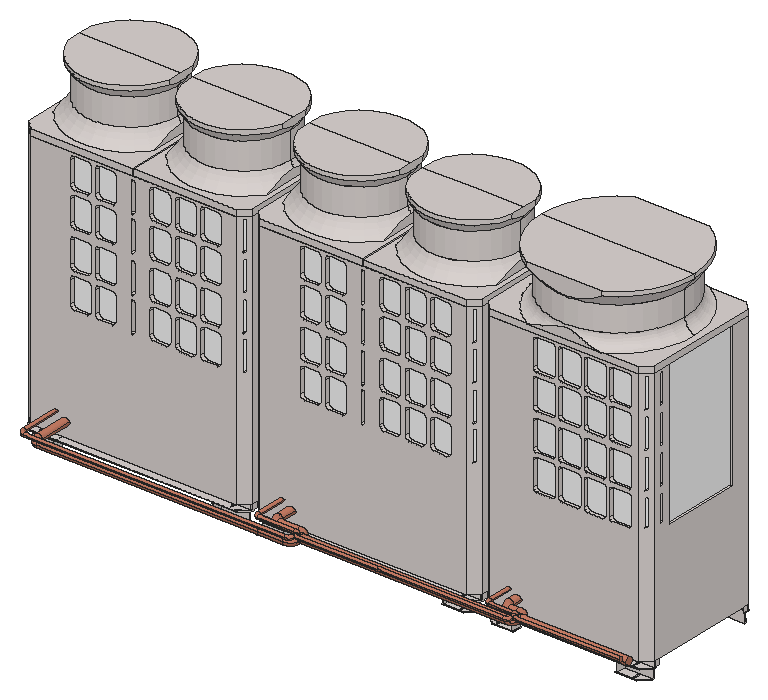
Revit family "PUHY-EP1050YSNW-A1", category 機械設備, Revit 2016
Family settings
  パーツ タイプ = 標準
  丸型コネクタ寸法 = 半径を使用
  OmniClass 番号 = 23.75.00.00
  OmniClass タイトル = Climate Control (HVAC)
  作業面に基づく = いいえ
  常に垂直 = はい
  ロード時にボイドで切り取り = いいえ
  共有 = いいえ
  部屋の計算ポイント = いいえ
Parameters (values of type "PUHY-EP1050YSNW-A1_415V_60Hz")
  Temp. range of cooling (Outdoor temp.) (D.B.) = "-5.0 to 52.0"
  Temp. range of cooling (Indoor temp.) (W.B.) = "15.0 to 24.0"
  Sound Pressure Level (dB(A)) Heating mode = 69
  Sound Pressure Level (dB(A)) Cooling mode = 68.5
  モデル = "PUHY-EP1050YSNW-A1"
  Width = 3460.000 mm
  WarrantyStart = ""
  Voltage = 415 V
  Unit Weight (kg) = 888
  URL = "http://www.mitsubishielectric.com/"
  Temp. range of heating (Outdoor temp.) (W.B.) = "-20.0 to 15.5"
  Temp. range of heating (Indoor temp.) (D.B.) = "15.0 to 27.0"
  TagNumber = 0
  Subcategory = "HVAC"
  Space View = yes
  SerialNumber = 0
  ReplacementYear = ""
  Refrigerant type = "R410A"
  Refrigerant Charge (kg) = 28.1
  Protection Devices_Inverter circuit (COMP./FAN) = "Over-current protection"
  Protection Devices_High pressure (MPa) = "High pressure sensor, High pressure switch at 4.15"
  Phase = 3
  製造元 = "Mitsubishi Electric Corporation"
  Outdoor unit 3 Breaker size (A) = 30
  Outdoor unit 3 = PUHY-EP250YNW-A1 : PUHY-EP250YNW-A1
  Outdoor unit 2 Breaker size (A) = 60
  Outdoor unit 2 = PUHY-EP400YNW-A1 : PUHY-EP400YNW-A1
  Outdoor unit 1 Breaker size (A) = 60
  Outdoor unit 1 = PUHY-EP400YNW-A1 : PUHY-EP400YNW-A1
  Note_1 = "Refrigerant pipe diameters may change depending on the installation condition. Please refer to the installation manual."
  Maximum Circuit Ampacity (A) = 73
  Liquid pipe_radius = 9.525 mm
  InstallationDate = ""
  Indoor Unit Total Capacity = "50 to 130% of outdoor unit capacity"
  Indoor Unit Model/Quantity = "P10 to P250/3 to 50"
  Hertz = 60 Hz
  Height = 1858.000 mm
  Heating SCOP (kW/kW) = 4.15
  Heating Rated Load Ampacity (A) = 49.2
  Heating Power Input (kW) = 31.88
  Heating Power Input (Nominal) (kW) = 26.75
  Heating Current Input (Nominal) (A) = 41.3
  Heating Current Input (A) = 49.2
  Heating Capacity (kW) = 132
  Heating Capacity (Nominal) (kW) = 118
  Heating COP (kW/kW) = 4.14
  Heating COP (Nominal) (kW/kW) = 4.41
  Gas pipe_radius = 20.640 mm
  Fan_Type = "Propeller Fan"
  Fan_Quantity = 5
  Fan Motor Output (kW) = 2.76
  External static pressure (Pa) = 0
  External Finish = "Pre-coated galvanized steel sheets (+powder coating for -BS type) <MUNSELL 3Y 7.8/1.1 or similar>"
  Equip_description = ""
  Equip_No. = 0
  Equip_ID = ""
  Description = ""
  Depth = 740.000 mm
  CreatedOn = ""
  CreatedBy = ""
  Cooling SEER (kW/kW) = 7.04
  Cooling Rated Load Ampacity (A) = 49.8
  Cooling Power Input (kW) = 32.24
  Cooling EER (kW/kW) = 3.66
  Cooling Current Input (A) = 49.8
  Cooling Capacity (kW) = 118
  Compressor_Type = "Inverter scroll hermetic compressor"
  Compressor_Quantity = 3
  Compressor_Lubricant = "MEL32"
  Compressor Motor Output (kW) = 24.7
  Category = ""
  Barcode = ""
  AssetIdentifier = ""
  Airflow Rate (m3/min) = 725
  Airflow Rate (m3/h) = 43500
Reference planes
  plane 1 "Center (Front/Back)": y = 0
  plane 2: z = 0
  plane 3 "Center (Left/Right)": x = -160
  plane 4: z = 60
  plane 5: y = 370
  plane 6 "front": y = -370
  plane 7: x = -1890
  plane 8: x = 1570
  plane 9: x = -620
  plane 10: x = 620
  plane 11: x = -650
  plane 12: x = 650
  plane 13: y = 370
  plane 14: y = -370
  plane 15: z = 1858
Forms (mm)
  Sweep 1, solid, material "Copper"
    path origin (137.855, 17.925, 207.255) x (0, -1, 0) y (1, 0, 0)
      loop
        line (380, -1839.039) -> (605, -1839.039)
        arc (605, -1839.039) -> (626.213, -1830.253) -> (635, -1809.039) r 30
        line (635, -1809.039) -> (635, -368.337)
        arc (635, -368.337) -> (629.142, -354.195) -> (615, -348.337) r 20
        line (615, -348.337) -> (590, -348.337)
        arc (590, -348.337) -> (575.858, -354.195) -> (570, -368.337) r 20
        line (570, -368.337) -> (570, -568.337)
        arc (570, -568.337) -> (564.142, -582.479) -> (550, -588.337) r 20
        line (550, -588.337) -> (380, -588.337)
    profile origin (-1701.184, -474.575, 207.255) x (1, 0, 0) y (0, 0, 1)
      loop
        circle (0, 0) r 9.525
  Sweep 2, solid, material "Copper"
    path origin (111.295, 17.925, 173.255) x (-1, 0, 0) y (0, -1, 0)
      loop
        line (1758.141, 380) -> (1758.141, 575)
        arc (1758.141, 575) -> (1747.889, 599.749) -> (1723.141, 610) r 35
        line (1723.141, 610) -> (502, 610) -> (364.723, 610)
        arc (364.723, 610) -> (339.974, 599.749) -> (329.723, 575) r 35
        line (329.723, 575) -> (329.723, 545)
        arc (329.723, 545) -> (339.974, 520.251) -> (364.723, 510) r 35
        line (364.723, 510) -> (475.673, 510)
        arc (475.673, 510) -> (500.421, 499.749) -> (510.673, 475) r 35
        line (510.673, 475) -> (510.673, 380)
    profile origin (-1646.846, -459.575, 173.255) x (1, 0, 0) y (0, 0, 1)
      loop
        circle (0, 0) r 20.64
  Sweep 3, solid, material "Copper"
    path origin (214.685, 17.925, 207.255) x (0, -1, 0) y (1, 0, 0)
      loop
        line (605, -426.689) -> (605, 43.311) -> (605, 737.327)
        arc (605, 737.327) -> (599.142, 751.469) -> (585, 757.327) r 20
        line (585, 757.327) -> (560.96, 757.327)
        arc (560.96, 757.327) -> (546.818, 751.469) -> (540.96, 737.327) r 20
        line (540.96, 737.327) -> (540.96, 607.327)
        arc (540.96, 607.327) -> (535.102, 593.185) -> (520.96, 587.327) r 20
        line (520.96, 587.327) -> (380, 587.327)
    profile origin (22.996, -587.075, 207.255) x (0, 1, 0) y (0, 0, 1)
      loop
        circle (0, 0) r 9.525
  Sweep 4, solid, material "Copper"
    path origin (188.125, 17.925, 173.255) x (-1, 0, 0) y (0, -1, 0)
      loop
        line (406.853, 555.96) -> (-741.149, 555.96)
        arc (-741.149, 555.96) -> (-765.897, 545.709) -> (-776.149, 520.96) r 35
        line (-776.149, 520.96) -> (-776.149, 510)
        arc (-776.149, 510) -> (-765.897, 485.251) -> (-741.149, 475) r 35
        line (-741.149, 475) -> (-696.149, 475)
        arc (-696.149, 475) -> (-671.4, 464.749) -> (-661.149, 440) r 35
        line (-661.149, 440) -> (-661.149, 380)
    profile origin (355.273, -538.035, 173.255) x (0, 1, 0) y (0, 0, 1)
      loop
        circle (0, 0) r 20.64
  Sweep 5, solid, material "Copper"
    path origin (114.685, 17.925, 207.255) x (0, -1, 0) y (1, 0, 0)
      loop
        line (572.806, 865.315) -> (572.806, 1455.315)
    profile origin (1275, -554.881, 207.255) x (0, 1, 0) y (0, 0, 1)
      loop
        circle (0, 0) r 9.525
  Sweep 6, solid, material "Copper"
    path origin (88.125, 17.925, 173.255) x (-1, 0, 0) y (0, -1, 0)
      loop
        line (-891.875, 515.995) -> (-1481.875, 515.995)
    profile origin (1275, -498.07, 173.255) x (0, 1, 0) y (0, 0, 1)
      loop
        circle (0, 0) r 20.64
Dimensions and locks
  nested 2 to nested 1 = 30.000 mm
  nested 1 to nested 3 = 30.000 mm
  nested 1 to nested 1 = 1240.000 mm
  nested 2 to nested 2 = 1240.000 mm
  nested 3 to nested 3 = 920.000 mm
  "Liquid pipe_radius": radius of Sweep 5 sketch curve
  "Gas pipe_radius": radius of Sweep 6 sketch curve
  aligned and locked: level to plane 2
Automatic sketch dimensions
  Sweep 1 sketch curve to plane 6 "front" = 7.925 mm  (x2)
  plane 6 "front" to Sweep 1 sketch curve = 162.075 mm
  Sweep 1 sketch curve to plane 3 "Center (Left/Right)" = 70.482 mm
  Sweep 1 sketch curve to Sweep 1 sketch curve = 20.000 mm
  Sweep 1 sketch curve to plane 3 "Center (Left/Right)" = 50.482 mm
  plane 6 "front" to Sweep 1 sketch curve = 217.075 mm
  Sweep 1 sketch curve to Sweep 1 sketch curve = 25.000 mm
  Sweep 1 sketch curve to Sweep 1 sketch curve = 30.000 mm
  Sweep 1 sketch curve to plane 3 "Center (Left/Right)" = 270.482 mm
  profile plane to Sweep 1 sketch curve = 0.000 mm
  Sweep 1 sketch curve to profile plane = 0.000 mm
  Sweep 2 sketch curve to plane 3 "Center (Left/Right)" = 58.427 mm
  Sweep 2 sketch curve to plane 3 "Center (Left/Right)" = 93.427 mm  (x2)
  Sweep 2 sketch curve to plane 3 "Center (Left/Right)" = 204.377 mm
  Sweep 2 sketch curve to plane 3 "Center (Left/Right)" = 230.705 mm
  Sweep 2 sketch curve to Sweep 2 sketch curve = 35.000 mm  (x2)
  plane 6 "front" to Sweep 2 sketch curve = 222.075 mm
  Sweep 2 sketch curve to Sweep 2 sketch curve = 30.000 mm
  Sweep 2 sketch curve to plane 6 "front" = 7.925 mm  (x2)
  profile plane to Sweep 2 sketch curve = 0.000 mm
  Sweep 2 sketch curve to profile plane = 0.000 mm
  Sweep 3 sketch curve to profile plane = 0.000 mm  (x2)
  plane 6 "front" to Sweep 4 sketch curve = 122.075 mm
  plane 6 "front" to Sweep 4 sketch curve = 87.075 mm
  Sweep 4 sketch curve to Sweep 4 sketch curve = 0.000 mm
  Sweep 4 sketch curve to Sweep 4 sketch curve = 45.000 mm
  plane 6 "front" to Sweep 4 sketch curve = 52.075 mm
  Sweep 4 sketch curve to plane 3 "Center (Left/Right)" = 58.728 mm
  Sweep 4 sketch curve to Sweep 4 sketch curve = 60.000 mm
  Sweep 4 sketch curve to Sweep 4 sketch curve = 10.960 mm
  Sweep 4 sketch curve to profile plane = 0.000 mm  (x2)
  Sweep 3 sketch curve to plane 6 "front" = 7.925 mm
  plane 6 "front" to Sweep 3 sketch curve = 133.035 mm
  Sweep 3 sketch curve to Sweep 3 sketch curve = 20.000 mm  (x2)
  Sweep 3 sketch curve to Sweep 3 sketch curve = 24.040 mm
  plane 6 "front" to Sweep 3 sketch curve = 217.075 mm
  Sweep 3 sketch curve to plane 3 "Center (Left/Right)" = 52.004 mm
  Sweep 3 sketch curve to Sweep 3 sketch curve = 470.000 mm
  Sweep 3 sketch curve to Sweep 3 sketch curve = 544.016 mm
  Sweep 3 sketch curve to Sweep 3 sketch curve = 130.000 mm
  Sweep 1 sketch curve to Sweep 1 sketch curve = 1220.702 mm
  Sweep 2 sketch curve to Sweep 2 sketch curve = 1212.468 mm
  Sweep 4 sketch curve to Sweep 4 sketch curve = 1068.002 mm
  Sweep 6 sketch curve to plane 8 = 0.000 mm
  plane 6 "front" to Sweep 6 sketch curve = 128.070 mm
  plane 12 to Sweep 6 sketch curve = 330.000 mm
  Sweep 5 sketch curve to plane 8 = 0.000 mm
  plane 6 "front" to Sweep 5 sketch curve = 184.881 mm
  plane 12 to Sweep 5 sketch curve = 330.000 mm
  Sweep 5 sketch curve to profile plane = 0.000 mm  (x2)
  Sweep 6 sketch curve to profile plane = 0.000 mm  (x2)
  radius of Sweep 1 sketch curve = 9.525 mm
  radius of Sweep 2 sketch curve = 20.640 mm
  radius of Sweep 3 sketch curve = 9.525 mm
  radius of Sweep 4 sketch curve = 20.640 mm
Nested families
  nested 1: "PUHY-EP400YNW-A1" at (0, 0, 0), type <- "Outdoor unit 2", type "PUHY-EP400YNW-A1"
  nested 2: "PUHY-EP400YNW-A1" at (-1270, 0, 0), type <- "Outdoor unit 1", type "PUHY-EP400YNW-A1"
  nested 3: "PUHY-EP250YNW-A1" at (1110, 0, 0), type <- "Outdoor unit 3", type "PUHY-EP250YNW-A1"
Connectors
  piping at (1570, -498.07, 173.255), diameter 41.28, driven by "Gas pipe_radius"
    settings: on Sweep 6, index 1, connector inside diameter 41.28 mm, connector length 0.000 mm, flow factor 0, pipe flow 0.0 L/s, pressure drop 0.0 Pa, fitting loss kfactor 0, connector angle 0.00°, fixture units 0, engagement length 0.000 mm, angle of deflection 0.00°, flow configuration 0, flow direction 0, fitting loss method 0, system type 22, joint type 0, gender type 0, connector reference index -1, connector utility 0, adjustable connector no, is connector primary yes, connector description "Indoor unit-Twinning pipe(Gas)"
  piping at (1570, -554.881, 207.255), diameter 19.05, driven by "Liquid pipe_radius"
    settings: on Sweep 5, index 2, connector inside diameter 19.05 mm, connector length 0.000 mm, flow factor 0, pipe flow 0.0 L/s, pressure drop 0.0 Pa, fitting loss kfactor 0, connector angle 0.00°, fixture units 0, engagement length 0.000 mm, angle of deflection 0.00°, flow configuration 0, flow direction 0, fitting loss method 0, system type 22, joint type 0, gender type 0, connector reference index -1, connector utility 0, adjustable connector no, is connector primary no, connector description "Indoor unit-Twinning pipe(Liquid)"
  electrical at (992, -370, 279), driven by "Phase", driven by "Voltage"
    settings: index 3, voltage 415 V, apparent load 0 VA, apparent load phase1 0 VA, apparent load phase2 0 VA, apparent load phase3 0 VA, power factor 1, load classification "HVAC", number of poles 3, system type 30, power factor state 1, is connector primary yes, connector utility no, sub classification motor no, connector description ""
  electrical at (-258, -370, 279), driven by "Phase", driven by "Voltage"
    settings: index 4, voltage 415 V, apparent load 0 VA, apparent load phase1 0 VA, apparent load phase2 0 VA, apparent load phase3 0 VA, power factor 1, load classification "HVAC", number of poles 3, system type 30, power factor state 1, is connector primary no, connector utility no, sub classification motor no, connector description ""
  electrical at (-1508, -370, 279), driven by "Phase", driven by "Voltage"
    settings: index 5, voltage 415 V, apparent load 0 VA, apparent load phase1 0 VA, apparent load phase2 0 VA, apparent load phase3 0 VA, power factor 1, load classification "HVAC", number of poles 3, system type 30, power factor state 1, is connector primary no, connector utility no, sub classification motor no, connector description ""
Definition of nested family "PUHY-EP400YNW-A1"
  Parameters
    Model = "PUHY-P400YNW-A"
    URL = "http://www.mitsubishielectric.com/"
    Manufacturer = "Mitsubishi Electric Corporation"
    Liquid pipe_radius = 12.700 mm
    Gas pipe_radius = 14.290 mm
  Reference planes
    plane 1 "Center (Front/Back)": y = 0
    plane 2: z = 0
    plane 3 "Center (Left/Right)": x = 0
    plane 4: y = 370
    plane 5: z = 1858
    plane 6: y = -260
    plane 7: y = -204
    plane 8: y = -185
    plane 9: x = -620
    plane 10: x = 620
    plane 11: x = -620
    plane 12: z = 716
    plane 13: x = -524
    plane 14: z = 669
    plane 15: x = -50.5
    plane 16: x = 51
    plane 17: x = 489
    plane 18: x = 467
    plane 19 "132": x = 488
    plane 20 "100": z = 160
    plane 21: z = 185
    plane 22: x = 413
    plane 23: x = 364
    plane 24: z = 150
    plane 25: x = -287.25
    plane 26: x = -137.25
    plane 27: x = -272.25
    plane 28: y = -278
    plane 29: z = 1509
    plane 30: y = -370
    plane 31: x = -530
    plane 32: x = 530
    plane 33 "179": y = -191
  Forms (mm)
    Extrusion 1, solid
      sketch origin (-1, 0, 113) x (-1, 0, 0) y (0, -1, 0)
        loop
          line (569, -370) -> (619, -320) -> (619, 320) -> (569, 370) -> (-571, 370) -> (-621, 320) -> (-621, -320) -> (-571, -370) -> (569, -370)
      from -18 to 1408
    Extrusion 2, void
      sketch origin (524, -370, 113) x (1, 0, 0) y (0, 0, -1)
        loop
          arc (-60.8, -1393.5) -> (-42.557, -1385.943) -> (-35, -1367.7) r 25.8
          line (-35, -1367.7) -> (-35, -1248.5)
          arc (-35, -1248.5) -> (-42.557, -1230.257) -> (-60.8, -1222.7) r 25.8
          line (-60.8, -1222.7) -> (-126, -1222.7)
          arc (-126, -1222.7) -> (-144.243, -1230.257) -> (-151.8, -1248.5) r 25.8
          line (-151.8, -1248.5) -> (-151.8, -1367.7)
          arc (-151.8, -1367.7) -> (-144.243, -1385.943) -> (-126, -1393.5) r 25.8
          line (-126, -1393.5) -> (-60.8, -1393.5)
      from 0 to 20
    Extrusion 3, void
      sketch origin (524, -370, -81) x (1, 0, 0) y (0, 0, -1)
        loop
          arc (-60.8, -1393.5) -> (-42.557, -1385.943) -> (-35, -1367.7) r 25.8
          line (-35, -1367.7) -> (-35, -1248.5)
          arc (-35, -1248.5) -> (-42.557, -1230.257) -> (-60.8, -1222.7) r 25.8
          line (-60.8, -1222.7) -> (-126, -1222.7)
          arc (-126, -1222.7) -> (-144.243, -1230.257) -> (-151.8, -1248.5) r 25.8
          line (-151.8, -1248.5) -> (-151.8, -1367.7)
          arc (-151.8, -1367.7) -> (-144.243, -1385.943) -> (-126, -1393.5) r 25.8
          line (-126, -1393.5) -> (-60.8, -1393.5)
      from 0 to 20
    Extrusion 4, void
      sketch origin (524, -370, -287) x (1, 0, 0) y (0, 0, -1)
        loop
          arc (-60.8, -1393.5) -> (-42.557, -1385.943) -> (-35, -1367.7) r 25.8
          line (-35, -1367.7) -> (-35, -1248.5)
          arc (-35, -1248.5) -> (-42.557, -1230.257) -> (-60.8, -1222.7) r 25.8
          line (-60.8, -1222.7) -> (-126, -1222.7)
          arc (-126, -1222.7) -> (-144.243, -1230.257) -> (-151.8, -1248.5) r 25.8
          line (-151.8, -1248.5) -> (-151.8, -1367.7)
          arc (-151.8, -1367.7) -> (-144.243, -1385.943) -> (-126, -1393.5) r 25.8
          line (-126, -1393.5) -> (-60.8, -1393.5)
      from 0 to 20
    Extrusion 5, void
      sketch origin (524, -370, -481) x (1, 0, 0) y (0, 0, -1)
        loop
          arc (-60.8, -1393.5) -> (-42.557, -1385.943) -> (-35, -1367.7) r 25.8
          line (-35, -1367.7) -> (-35, -1248.5)
          arc (-35, -1248.5) -> (-42.557, -1230.257) -> (-60.8, -1222.7) r 25.8
          line (-60.8, -1222.7) -> (-126, -1222.7)
          arc (-126, -1222.7) -> (-144.243, -1230.257) -> (-151.8, -1248.5) r 25.8
          line (-151.8, -1248.5) -> (-151.8, -1367.7)
          arc (-151.8, -1367.7) -> (-144.243, -1385.943) -> (-126, -1393.5) r 25.8
          line (-126, -1393.5) -> (-60.8, -1393.5)
      from 0 to 20
    Extrusion 6, void
      sketch origin (384, -370, 113) x (1, 0, 0) y (0, 0, -1)
        loop
          arc (-60.8, -1393.5) -> (-42.557, -1385.943) -> (-35, -1367.7) r 25.8
          line (-35, -1367.7) -> (-35, -1248.5)
          arc (-35, -1248.5) -> (-42.557, -1230.257) -> (-60.8, -1222.7) r 25.8
          line (-60.8, -1222.7) -> (-126, -1222.7)
          arc (-126, -1222.7) -> (-144.243, -1230.257) -> (-151.8, -1248.5) r 25.8
          line (-151.8, -1248.5) -> (-151.8, -1367.7)
          arc (-151.8, -1367.7) -> (-144.243, -1385.943) -> (-126, -1393.5) r 25.8
          line (-126, -1393.5) -> (-60.8, -1393.5)
      from 0 to 20
    Extrusion 7, void
      sketch origin (384, -370, -81) x (1, 0, 0) y (0, 0, -1)
        loop
          arc (-60.8, -1393.5) -> (-42.557, -1385.943) -> (-35, -1367.7) r 25.8
          line (-35, -1367.7) -> (-35, -1248.5)
          arc (-35, -1248.5) -> (-42.557, -1230.257) -> (-60.8, -1222.7) r 25.8
          line (-60.8, -1222.7) -> (-126, -1222.7)
          arc (-126, -1222.7) -> (-144.243, -1230.257) -> (-151.8, -1248.5) r 25.8
          line (-151.8, -1248.5) -> (-151.8, -1367.7)
          arc (-151.8, -1367.7) -> (-144.243, -1385.943) -> (-126, -1393.5) r 25.8
          line (-126, -1393.5) -> (-60.8, -1393.5)
      from 0 to 20
    Extrusion 8, void
      sketch origin (384, -370, -287) x (1, 0, 0) y (0, 0, -1)
        loop
          arc (-60.8, -1393.5) -> (-42.557, -1385.943) -> (-35, -1367.7) r 25.8
          line (-35, -1367.7) -> (-35, -1248.5)
          arc (-35, -1248.5) -> (-42.557, -1230.257) -> (-60.8, -1222.7) r 25.8
          line (-60.8, -1222.7) -> (-126, -1222.7)
          arc (-126, -1222.7) -> (-144.243, -1230.257) -> (-151.8, -1248.5) r 25.8
          line (-151.8, -1248.5) -> (-151.8, -1367.7)
          arc (-151.8, -1367.7) -> (-144.243, -1385.943) -> (-126, -1393.5) r 25.8
          line (-126, -1393.5) -> (-60.8, -1393.5)
      from 0 to 20
    Extrusion 9, void
      sketch origin (384, -370, -481) x (1, 0, 0) y (0, 0, -1)
        loop
          arc (-60.8, -1393.5) -> (-42.557, -1385.943) -> (-35, -1367.7) r 25.8
          line (-35, -1367.7) -> (-35, -1248.5)
          arc (-35, -1248.5) -> (-42.557, -1230.257) -> (-60.8, -1222.7) r 25.8
          line (-60.8, -1222.7) -> (-126, -1222.7)
          arc (-126, -1222.7) -> (-144.243, -1230.257) -> (-151.8, -1248.5) r 25.8
          line (-151.8, -1248.5) -> (-151.8, -1367.7)
          arc (-151.8, -1367.7) -> (-144.243, -1385.943) -> (-126, -1393.5) r 25.8
          line (-126, -1393.5) -> (-60.8, -1393.5)
      from 0 to 20
    Extrusion 10, void
      sketch origin (244, -370, 113) x (1, 0, 0) y (0, 0, -1)
        loop
          arc (-60.8, -1393.5) -> (-42.557, -1385.943) -> (-35, -1367.7) r 25.8
          line (-35, -1367.7) -> (-35, -1248.5)
          arc (-35, -1248.5) -> (-42.557, -1230.257) -> (-60.8, -1222.7) r 25.8
          line (-60.8, -1222.7) -> (-126, -1222.7)
          arc (-126, -1222.7) -> (-144.243, -1230.257) -> (-151.8, -1248.5) r 25.8
          line (-151.8, -1248.5) -> (-151.8, -1367.7)
          arc (-151.8, -1367.7) -> (-144.243, -1385.943) -> (-126, -1393.5) r 25.8
          line (-126, -1393.5) -> (-60.8, -1393.5)
      from 0 to 20
    Extrusion 11, void
      sketch origin (244, -370, -81) x (1, 0, 0) y (0, 0, -1)
        loop
          arc (-60.8, -1393.5) -> (-42.557, -1385.943) -> (-35, -1367.7) r 25.8
          line (-35, -1367.7) -> (-35, -1248.5)
          arc (-35, -1248.5) -> (-42.557, -1230.257) -> (-60.8, -1222.7) r 25.8
          line (-60.8, -1222.7) -> (-126, -1222.7)
          arc (-126, -1222.7) -> (-144.243, -1230.257) -> (-151.8, -1248.5) r 25.8
          line (-151.8, -1248.5) -> (-151.8, -1367.7)
          arc (-151.8, -1367.7) -> (-144.243, -1385.943) -> (-126, -1393.5) r 25.8
          line (-126, -1393.5) -> (-60.8, -1393.5)
      from 0 to 20
    Extrusion 12, void
      sketch origin (244, -370, -287) x (1, 0, 0) y (0, 0, -1)
        loop
          arc (-60.8, -1393.5) -> (-42.557, -1385.943) -> (-35, -1367.7) r 25.8
          line (-35, -1367.7) -> (-35, -1248.5)
          arc (-35, -1248.5) -> (-42.557, -1230.257) -> (-60.8, -1222.7) r 25.8
          line (-60.8, -1222.7) -> (-126, -1222.7)
          arc (-126, -1222.7) -> (-144.243, -1230.257) -> (-151.8, -1248.5) r 25.8
          line (-151.8, -1248.5) -> (-151.8, -1367.7)
          arc (-151.8, -1367.7) -> (-144.243, -1385.943) -> (-126, -1393.5) r 25.8
          line (-126, -1393.5) -> (-60.8, -1393.5)
      from 0 to 20
    Extrusion 13, void
      sketch origin (244, -370, -481) x (1, 0, 0) y (0, 0, -1)
        loop
          arc (-60.8, -1393.5) -> (-42.557, -1385.943) -> (-35, -1367.7) r 25.8
          line (-35, -1367.7) -> (-35, -1248.5)
          arc (-35, -1248.5) -> (-42.557, -1230.257) -> (-60.8, -1222.7) r 25.8
          line (-60.8, -1222.7) -> (-126, -1222.7)
          arc (-126, -1222.7) -> (-144.243, -1230.257) -> (-151.8, -1248.5) r 25.8
          line (-151.8, -1248.5) -> (-151.8, -1367.7)
          arc (-151.8, -1367.7) -> (-144.243, -1385.943) -> (-126, -1393.5) r 25.8
          line (-126, -1393.5) -> (-60.8, -1393.5)
      from 0 to 20
    Extrusion 14, void
      sketch origin (-56, -370, 113) x (1, 0, 0) y (0, 0, -1)
        loop
          arc (-60.8, -1393.5) -> (-42.557, -1385.943) -> (-35, -1367.7) r 25.8
          line (-35, -1367.7) -> (-35, -1248.5)
          arc (-35, -1248.5) -> (-42.557, -1230.257) -> (-60.8, -1222.7) r 25.8
          line (-60.8, -1222.7) -> (-126, -1222.7)
          arc (-126, -1222.7) -> (-144.243, -1230.257) -> (-151.8, -1248.5) r 25.8
          line (-151.8, -1248.5) -> (-151.8, -1367.7)
          arc (-151.8, -1367.7) -> (-144.243, -1385.943) -> (-126, -1393.5) r 25.8
          line (-126, -1393.5) -> (-60.8, -1393.5)
      from 0 to 20
    Extrusion 15, void
      sketch origin (-56, -370, -81) x (1, 0, 0) y (0, 0, -1)
        loop
          arc (-60.8, -1393.5) -> (-42.557, -1385.943) -> (-35, -1367.7) r 25.8
          line (-35, -1367.7) -> (-35, -1248.5)
          arc (-35, -1248.5) -> (-42.557, -1230.257) -> (-60.8, -1222.7) r 25.8
          line (-60.8, -1222.7) -> (-126, -1222.7)
          arc (-126, -1222.7) -> (-144.243, -1230.257) -> (-151.8, -1248.5) r 25.8
          line (-151.8, -1248.5) -> (-151.8, -1367.7)
          arc (-151.8, -1367.7) -> (-144.243, -1385.943) -> (-126, -1393.5) r 25.8
          line (-126, -1393.5) -> (-60.8, -1393.5)
      from 0 to 20
    Extrusion 16, void
      sketch origin (-56, -370, -287) x (1, 0, 0) y (0, 0, -1)
        loop
          arc (-60.8, -1393.5) -> (-42.557, -1385.943) -> (-35, -1367.7) r 25.8
          line (-35, -1367.7) -> (-35, -1248.5)
          arc (-35, -1248.5) -> (-42.557, -1230.257) -> (-60.8, -1222.7) r 25.8
          line (-60.8, -1222.7) -> (-126, -1222.7)
          arc (-126, -1222.7) -> (-144.243, -1230.257) -> (-151.8, -1248.5) r 25.8
          line (-151.8, -1248.5) -> (-151.8, -1367.7)
          arc (-151.8, -1367.7) -> (-144.243, -1385.943) -> (-126, -1393.5) r 25.8
          line (-126, -1393.5) -> (-60.8, -1393.5)
      from 0 to 20
    Extrusion 17, void
      sketch origin (-56, -370, -481) x (1, 0, 0) y (0, 0, -1)
        loop
          arc (-60.8, -1393.5) -> (-42.557, -1385.943) -> (-35, -1367.7) r 25.8
          line (-35, -1367.7) -> (-35, -1248.5)
          arc (-35, -1248.5) -> (-42.557, -1230.257) -> (-60.8, -1222.7) r 25.8
          line (-60.8, -1222.7) -> (-126, -1222.7)
          arc (-126, -1222.7) -> (-144.243, -1230.257) -> (-151.8, -1248.5) r 25.8
          line (-151.8, -1248.5) -> (-151.8, -1367.7)
          arc (-151.8, -1367.7) -> (-144.243, -1385.943) -> (-126, -1393.5) r 25.8
          line (-126, -1393.5) -> (-60.8, -1393.5)
      from 0 to 20
    Extrusion 18, void
      sketch origin (-196, -370, 113) x (1, 0, 0) y (0, 0, -1)
        loop
          arc (-60.8, -1393.5) -> (-42.557, -1385.943) -> (-35, -1367.7) r 25.8
          line (-35, -1367.7) -> (-35, -1248.5)
          arc (-35, -1248.5) -> (-42.557, -1230.257) -> (-60.8, -1222.7) r 25.8
          line (-60.8, -1222.7) -> (-126, -1222.7)
          arc (-126, -1222.7) -> (-144.243, -1230.257) -> (-151.8, -1248.5) r 25.8
          line (-151.8, -1248.5) -> (-151.8, -1367.7)
          arc (-151.8, -1367.7) -> (-144.243, -1385.943) -> (-126, -1393.5) r 25.8
          line (-126, -1393.5) -> (-60.8, -1393.5)
      from 0 to 20
    Extrusion 19, void
      sketch origin (-196, -370, -81) x (1, 0, 0) y (0, 0, -1)
        loop
          arc (-60.8, -1393.5) -> (-42.557, -1385.943) -> (-35, -1367.7) r 25.8
          line (-35, -1367.7) -> (-35, -1248.5)
          arc (-35, -1248.5) -> (-42.557, -1230.257) -> (-60.8, -1222.7) r 25.8
          line (-60.8, -1222.7) -> (-126, -1222.7)
          arc (-126, -1222.7) -> (-144.243, -1230.257) -> (-151.8, -1248.5) r 25.8
          line (-151.8, -1248.5) -> (-151.8, -1367.7)
          arc (-151.8, -1367.7) -> (-144.243, -1385.943) -> (-126, -1393.5) r 25.8
          line (-126, -1393.5) -> (-60.8, -1393.5)
      from 0 to 20
    Extrusion 20, void
      sketch origin (-196, -370, -287) x (1, 0, 0) y (0, 0, -1)
        loop
          arc (-60.8, -1393.5) -> (-42.557, -1385.943) -> (-35, -1367.7) r 25.8
          line (-35, -1367.7) -> (-35, -1248.5)
          arc (-35, -1248.5) -> (-42.557, -1230.257) -> (-60.8, -1222.7) r 25.8
          line (-60.8, -1222.7) -> (-126, -1222.7)
          arc (-126, -1222.7) -> (-144.243, -1230.257) -> (-151.8, -1248.5) r 25.8
          line (-151.8, -1248.5) -> (-151.8, -1367.7)
          arc (-151.8, -1367.7) -> (-144.243, -1385.943) -> (-126, -1393.5) r 25.8
          line (-126, -1393.5) -> (-60.8, -1393.5)
      from 0 to 20
    Extrusion 21, void
      sketch origin (-196, -370, -481) x (1, 0, 0) y (0, 0, -1)
        loop
          arc (-60.8, -1393.5) -> (-42.557, -1385.943) -> (-35, -1367.7) r 25.8
          line (-35, -1367.7) -> (-35, -1248.5)
          arc (-35, -1248.5) -> (-42.557, -1230.257) -> (-60.8, -1222.7) r 25.8
          line (-60.8, -1222.7) -> (-126, -1222.7)
          arc (-126, -1222.7) -> (-144.243, -1230.257) -> (-151.8, -1248.5) r 25.8
          line (-151.8, -1248.5) -> (-151.8, -1367.7)
          arc (-151.8, -1367.7) -> (-144.243, -1385.943) -> (-126, -1393.5) r 25.8
          line (-126, -1393.5) -> (-60.8, -1393.5)
      from 0 to 20
    Extrusion 22, void
      sketch origin (620, 320, 113) x (0, 1, 0) y (0, 0, -1)
        loop
          line (-462.3, -1408) -> (-50.8, -1408) -> (-50.8, -612) -> (-462.3, -612) -> (-462.3, -1408)
      from 0 to 20
    Extrusion 23, void
      sketch origin (-620, -320, 113) x (0, -1, 0) y (0, 0, -1)
        loop
          line (-535.7, -1408) -> (-207.7, -1408) -> (-207.7, -592) -> (-535.7, -592) -> (-535.7, -1408)
      from 0 to 20
    Extrusion 24, void
      sketch origin (194.892, 370, 113) x (-1, 0, 0) y (0, 0, -1)
        loop
          arc (204.892, -1225.013) -> (194.892, -1215.013) -> (184.892, -1225.013) r 10
          line (184.892, -1225.013) -> (184.892, -1379.987)
          arc (184.892, -1379.987) -> (194.892, -1389.987) -> (204.892, -1379.987) r 10
          line (204.892, -1379.987) -> (204.892, -1225.013)
        loop
          arc (204.892, -1031.013) -> (194.892, -1021.013) -> (184.892, -1031.013) r 10
          line (184.892, -1031.013) -> (184.892, -1185.987)
          arc (184.892, -1185.987) -> (194.892, -1195.987) -> (204.892, -1185.987) r 10
          line (204.892, -1185.987) -> (204.892, -1031.013)
        loop
          arc (204.892, -825.013) -> (194.892, -815.013) -> (184.892, -825.013) r 10
          line (184.892, -825.013) -> (184.892, -979.987)
          arc (184.892, -979.987) -> (194.892, -989.987) -> (204.892, -979.987) r 10
          line (204.892, -979.987) -> (204.892, -825.013)
        loop
          arc (204.892, -631.013) -> (194.892, -621.013) -> (184.892, -631.013) r 10
          line (184.892, -631.013) -> (184.892, -785.987)
          arc (184.892, -785.987) -> (194.892, -795.987) -> (204.892, -785.987) r 10
          line (204.892, -785.987) -> (204.892, -631.013)
      from 0 to 20
    Extrusion 25, void
      sketch origin (-570, 370, 113) x (0.707107, 0.707107, 0) y (0, 0, 1)
        loop
          arc (-45.355, 1236) -> (-35.355, 1226) -> (-25.355, 1236) r 10
          line (-25.355, 1236) -> (-25.355, 1386)
          arc (-25.355, 1386) -> (-35.355, 1396) -> (-45.355, 1386) r 10
          line (-45.355, 1386) -> (-45.355, 1236)
        loop
          arc (-45.355, 1036) -> (-35.355, 1026) -> (-25.355, 1036) r 10
          line (-25.355, 1036) -> (-25.355, 1186)
          arc (-25.355, 1186) -> (-35.355, 1196) -> (-45.355, 1186) r 10
          line (-45.355, 1186) -> (-45.355, 1036)
        loop
          arc (-45.355, 836) -> (-35.355, 826) -> (-25.355, 836) r 10
          line (-25.355, 836) -> (-25.355, 986)
          arc (-25.355, 986) -> (-35.355, 996) -> (-45.355, 986) r 10
          line (-45.355, 986) -> (-45.355, 836)
        loop
          arc (-45.355, 641) -> (-35.355, 631) -> (-25.355, 641) r 10
          line (-25.355, 641) -> (-25.355, 791)
          arc (-25.355, 791) -> (-35.355, 801) -> (-45.355, 791) r 10
          line (-45.355, 791) -> (-45.355, 641)
      from 0 to 20
    Extrusion 26, void
      sketch origin (-620, -320, 113) x (0, -1, 0) y (0, 0, -1)
        loop
          line (-607.846, -1035.895) -> (-607.846, -1186.105)
          arc (-607.846, -1186.105) -> (-597.846, -1196.105) -> (-587.846, -1186.105) r 10
          line (-587.846, -1186.105) -> (-587.846, -1035.895)
          arc (-587.846, -1035.895) -> (-597.846, -1025.895) -> (-607.846, -1035.895) r 10
        loop
          line (-607.846, -835.895) -> (-607.846, -986.105)
          arc (-607.846, -986.105) -> (-597.846, -996.105) -> (-587.846, -986.105) r 10
          line (-587.846, -986.105) -> (-587.846, -835.895)
          arc (-587.846, -835.895) -> (-597.846, -825.895) -> (-607.846, -835.895) r 10
        loop
          line (-607.846, -1235.895) -> (-607.846, -1386.105)
          arc (-607.846, -1386.105) -> (-597.846, -1396.105) -> (-587.846, -1386.105) r 10
          line (-587.846, -1386.105) -> (-587.846, -1235.895)
          arc (-587.846, -1235.895) -> (-597.846, -1225.895) -> (-607.846, -1235.895) r 10
        loop
          line (-607.846, -635.895) -> (-607.846, -786.105)
          arc (-607.846, -786.105) -> (-597.846, -796.105) -> (-587.846, -786.105) r 10
          line (-587.846, -786.105) -> (-587.846, -635.895)
          arc (-587.846, -635.895) -> (-597.846, -625.895) -> (-607.846, -635.895) r 10
      from 0 to 20
    Extrusion 27, void
      sketch origin (1079, -370, 113) x (1, 0, 0) y (0, 0, -1)
        loop
          arc (-1089, -1379.975) -> (-1079, -1389.975) -> (-1069, -1379.975) r 10
          line (-1069, -1379.975) -> (-1069, -1225)
          arc (-1069, -1225) -> (-1079, -1215) -> (-1089, -1225) r 10
          line (-1089, -1225) -> (-1089, -1379.975)
        loop
          arc (-1089, -1185.975) -> (-1079, -1195.975) -> (-1069, -1185.975) r 10
          line (-1069, -1185.975) -> (-1069, -1031)
          arc (-1069, -1031) -> (-1079, -1021) -> (-1089, -1031) r 10
          line (-1089, -1031) -> (-1089, -1185.975)
        loop
          arc (-1089, -979.975) -> (-1079, -989.975) -> (-1069, -979.975) r 10
          line (-1069, -979.975) -> (-1069, -825)
          arc (-1069, -825) -> (-1079, -815) -> (-1089, -825) r 10
          line (-1089, -825) -> (-1089, -979.975)
        loop
          arc (-1089, -785.975) -> (-1079, -795.975) -> (-1069, -785.975) r 10
          line (-1069, -785.975) -> (-1069, -631)
          arc (-1069, -631) -> (-1079, -621) -> (-1089, -631) r 10
          line (-1089, -631) -> (-1089, -785.975)
      from 0 to 20
    Extrusion 28, void
      sketch origin (-571, 370, 113) x (-1, 0, 0) y (0, 0, -1)
        loop
          line (-519.5, -1408) -> (-48, -1408) -> (-48, -556) -> (-519.5, -556) -> (-519.5, -1408)
      from 0 to 20
    Extrusion 29, void
      sketch origin (-571, 370, 113) x (-1, 0, 0) y (0, 0, -1)
        loop
          line (-1038, -1408) -> (-622, -1408) -> (-622, -556) -> (-1038, -556) -> (-1038, -1408)
      from 0 to 20
    Extrusion 30, void
      sketch origin (620, 320, 113) x (0, 1, 0) y (0, 0, -1)
        loop
          arc (-588, -1035.791) -> (-598, -1025.791) -> (-608, -1035.791) r 10
          line (-608, -1035.791) -> (-608, -1186)
          arc (-608, -1186) -> (-598, -1196) -> (-588, -1186) r 10
          line (-588, -1186) -> (-588, -1035.791)
        loop
          arc (-588, -835.791) -> (-598, -825.791) -> (-608, -835.791) r 10
          line (-608, -835.791) -> (-608, -986)
          arc (-608, -986) -> (-598, -996) -> (-588, -986) r 10
          line (-588, -986) -> (-588, -835.791)
        loop
          arc (-588, -1235.791) -> (-598, -1225.791) -> (-608, -1235.791) r 10
          line (-608, -1235.791) -> (-608, -1386)
          arc (-608, -1386) -> (-598, -1396) -> (-588, -1386) r 10
          line (-588, -1386) -> (-588, -1235.791)
        loop
          arc (-588, -635.791) -> (-598, -625.791) -> (-608, -635.791) r 10
          line (-608, -635.791) -> (-608, -786)
          arc (-608, -786) -> (-598, -796) -> (-588, -786) r 10
          line (-588, -786) -> (-588, -635.791)
      from 0 to 20
    Extrusion 31, void
      sketch origin (1291.751, 351.751, 113) x (0.707107, 0.707107, 0) y (0, 0, -1)
        loop
          line (-995.311, -1236) -> (-995.311, -1386)
          arc (-995.311, -1386) -> (-985.311, -1396) -> (-975.311, -1386) r 10
          line (-975.311, -1386) -> (-975.311, -1236)
          arc (-975.311, -1236) -> (-985.311, -1226) -> (-995.311, -1236) r 10
        loop
          line (-995.311, -1036) -> (-995.311, -1186)
          arc (-995.311, -1186) -> (-985.311, -1196) -> (-975.311, -1186) r 10
          line (-975.311, -1186) -> (-975.311, -1036)
          arc (-975.311, -1036) -> (-985.311, -1026) -> (-995.311, -1036) r 10
        loop
          line (-995.311, -836) -> (-995.311, -986)
          arc (-995.311, -986) -> (-985.311, -996) -> (-975.311, -986) r 10
          line (-975.311, -986) -> (-975.311, -836)
          arc (-975.311, -836) -> (-985.311, -826) -> (-995.311, -836) r 10
        loop
          line (-995.311, -641) -> (-995.311, -791)
          arc (-995.311, -791) -> (-985.311, -801) -> (-975.311, -791) r 10
          line (-975.311, -791) -> (-975.311, -641)
          arc (-975.311, -641) -> (-985.311, -631) -> (-995.311, -641) r 10
      from 0 to 20
    Extrusion 32, void
      sketch origin (0, -191, 0) x (-1, 0, 0) y (0, 0, 1)
        loop
          circle (460, 176) r 6.35
      from 0 to 78.7
    Extrusion 33, void
      sketch origin (0, -191, 0) x (-1, 0, 0) y (0, 0, 1)
        loop
          circle (377, 176) r 14.29
      from 0 to 78.7
  Cuts and joins
    Extrusion 2, Extrusion 3, Extrusion 4, Extrusion 5, Extrusion 6, Extrusion 7, Extrusion 8, Extrusion 9, Extrusion 10, Extrusion 11, Extrusion 12, Extrusion 13, Extrusion 14, Extrusion 15, Extrusion 16, Extrusion 17, Extrusion 18, Extrusion 19, Extrusion 20, Extrusion 21, Extrusion 22, Extrusion 23, Extrusion 24, Extrusion 25, Extrusion 26, Extrusion 27, Extrusion 28, Extrusion 29, Extrusion 30, Extrusion 31, Extrusion 32, Extrusion 33 cuts Extrusion 1
  Lines and regions (mm)
    model lines
      curve 1: line (-351, -291, 95) -> (-481, -291, 95)
      curve 2: line (-342, -206, 95) -> (-342, -282, 95)
      curve 3: line (-481, -197, 95) -> (-351, -197, 95)
      curve 4: line (-492, -280, 95) -> (-492, -208, 95)
      curve 5: arc (-492, -280, 95) -> (-488.778, -287.778, 95) -> (-481, -291, 95) r 11
      curve 6: arc (-351, -291, 95) -> (-344.636, -288.364, 95) -> (-342, -282, 95) r 9
      curve 7: arc (-342, -206, 95) -> (-344.636, -199.636, 95) -> (-351, -197, 95) r 9
      curve 8: arc (-481, -197, 95) -> (-488.778, -200.222, 95) -> (-492, -208, 95) r 11
      curve 9: line (-30, -370, 1521) -> (-30, -370, 95)
      curve 10: line (30, -370, 1521) -> (30, -370, 95)
      curve 11: line (-485, -370, 215) -> (-357, -370, 215)
      curve 12: line (-495, -370, 141) -> (-495, -370, 205)
      curve 13: line (-357, -370, 131) -> (-485, -370, 131)
      curve 14: line (-347, -370, 205) -> (-347, -370, 141)
      curve 15: arc (-485, -370, 215) -> (-492.071, -370, 212.071) -> (-495, -370, 205) r 10
      curve 16: arc (-495, -370, 141) -> (-492.071, -370, 133.929) -> (-485, -370, 131) r 10
      curve 17: arc (-357, -370, 131) -> (-349.929, -370, 133.929) -> (-347, -370, 141) r 10
      curve 18: arc (-347, -370, 205) -> (-349.929, -370, 212.071) -> (-357, -370, 215) r 10
      curve 19: line (-405, -370, 1521) -> (-405, -370, 716)
      curve 20: line (620, -162.3, 1521) -> (620, -162.3, 95)
      curve 21: line (620, 289.2, 1521) -> (620, 289.2, 95)
      curve 22: line (620, -162.3, 705) -> (620, 289.2, 705)
      curve 23: line (620, -162.3, 725) -> (620, 289.2, 725)
      curve 24: line (620, -76.8, 583) -> (620, 203.2, 583)
      curve 25: line (620, 203.2, 563) -> (620, -76.8, 563)
      curve 26: arc (620, -76.8, 583) -> (620, -83.871, 580.071) -> (620, -86.8, 573) r 10
      curve 27: arc (620, -76.8, 563) -> (620, -83.871, 565.929) -> (620, -86.8, 573) r 10
      curve 28: arc (620, 203.2, 583) -> (620, 210.271, 580.071) -> (620, 213.2, 573) r 10
      curve 29: arc (620, 203.2, 563) -> (620, 210.271, 565.929) -> (620, 213.2, 573) r 10
      curve 30: line (620, -76.8, 478) -> (620, 203.2, 478)
      curve 31: line (620, 203.2, 458) -> (620, -76.8, 458)
      curve 32: arc (620, -76.8, 478) -> (620, -83.871, 475.071) -> (620, -86.8, 468) r 10
      curve 33: arc (620, -76.8, 458) -> (620, -83.871, 460.929) -> (620, -86.8, 468) r 10
      curve 34: arc (620, 203.2, 478) -> (620, 210.271, 475.071) -> (620, 213.2, 468) r 10
      curve 35: arc (620, 203.2, 458) -> (620, 210.271, 460.929) -> (620, 213.2, 468) r 10
      curve 36: line (620, -76.8, 373) -> (620, 203.2, 373)
      curve 37: line (620, 203.2, 353) -> (620, -76.8, 353)
      curve 38: arc (620, -76.8, 373) -> (620, -83.871, 370.071) -> (620, -86.8, 363) r 10
      curve 39: arc (620, -76.8, 353) -> (620, -83.871, 355.929) -> (620, -86.8, 363) r 10
      curve 40: arc (620, 203.2, 373) -> (620, 210.271, 370.071) -> (620, 213.2, 363) r 10
      curve 41: arc (620, 203.2, 353) -> (620, 210.271, 355.929) -> (620, 213.2, 363) r 10
      curve 42: line (620, -76.8, 268) -> (620, 203.2, 268)
      curve 43: line (620, 203.2, 248) -> (620, -76.8, 248)
      curve 44: arc (620, -76.8, 268) -> (620, -83.871, 265.071) -> (620, -86.8, 258) r 10
      curve 45: arc (620, -76.8, 248) -> (620, -83.871, 250.929) -> (620, -86.8, 258) r 10
      curve 46: arc (620, 203.2, 268) -> (620, 210.271, 265.071) -> (620, 213.2, 258) r 10
      curve 47: arc (620, 203.2, 248) -> (620, 210.271, 250.929) -> (620, 213.2, 258) r 10
      curve 48: line (-620, -162.3, 1521) -> (-620, -162.3, 95)
      curve 49: line (-620, 235.7, 1521) -> (-620, 235.7, 95)
      curve 50: line (-620, -112.3, 1521) -> (-620, -112.3, 705)
      curve 51: line (-620, 215.7, 1521) -> (-620, 215.7, 705)
      curve 52: line (-620, 235.7, 705) -> (-620, -162.3, 705)
      curve 53: line (-620, 176.7, 268) -> (-620, -103.3, 268)
      curve 54: line (-620, -103.3, 248) -> (-620, 176.7, 248)
      curve 55: arc (-620, 186.7, 258) -> (-620, 183.771, 265.071) -> (-620, 176.7, 268) r 10
      curve 56: arc (-620, 176.7, 248) -> (-620, 183.771, 250.929) -> (-620, 186.7, 258) r 10
      curve 57: arc (-620, -103.3, 268) -> (-620, -110.371, 265.071) -> (-620, -113.3, 258) r 10
      curve 58: arc (-620, -113.3, 258) -> (-620, -110.371, 250.929) -> (-620, -103.3, 248) r 10
      curve 59: line (-620, 176.7, 373) -> (-620, -103.3, 373)
      curve 60: line (-620, -103.3, 353) -> (-620, 176.7, 353)
      curve 61: arc (-620, 186.7, 363) -> (-620, 183.771, 370.071) -> (-620, 176.7, 373) r 10
      curve 62: arc (-620, 176.7, 353) -> (-620, 183.771, 355.929) -> (-620, 186.7, 363) r 10
      curve 63: arc (-620, -103.3, 373) -> (-620, -110.371, 370.071) -> (-620, -113.3, 363) r 10
      curve 64: arc (-620, -113.3, 363) -> (-620, -110.371, 355.929) -> (-620, -103.3, 353) r 10
      curve 65: line (-620, 176.7, 478) -> (-620, -103.3, 478)
      curve 66: line (-620, -103.3, 458) -> (-620, 176.7, 458)
      curve 67: arc (-620, 186.7, 468) -> (-620, 183.771, 475.071) -> (-620, 176.7, 478) r 10
      curve 68: arc (-620, 176.7, 458) -> (-620, 183.771, 460.929) -> (-620, 186.7, 468) r 10
      curve 69: arc (-620, -103.3, 478) -> (-620, -110.371, 475.071) -> (-620, -113.3, 468) r 10
      curve 70: arc (-620, -113.3, 468) -> (-620, -110.371, 460.929) -> (-620, -103.3, 458) r 10
      curve 71: line (-620, 176.7, 583) -> (-620, -103.3, 583)
      curve 72: line (-620, -103.3, 563) -> (-620, 176.7, 563)
      curve 73: arc (-620, 186.7, 573) -> (-620, 183.771, 580.071) -> (-620, 176.7, 583) r 10
      curve 74: arc (-620, 176.7, 563) -> (-620, 183.771, 565.929) -> (-620, 186.7, 573) r 10
      curve 75: arc (-620, -103.3, 583) -> (-620, -110.371, 580.071) -> (-620, -113.3, 573) r 10
      curve 76: arc (-620, -113.3, 573) -> (-620, -110.371, 565.929) -> (-620, -103.3, 563) r 10
      curve 77: line (-544, 370, 1521) -> (-544, 370, 95)
      curve 78: line (489, 370, 649) -> (30, 370, 649)
      curve 79: line (-30.5, 370, 649) -> (-544, 370, 649)
      curve 80: line (-147.25, 370, 584) -> (-427.25, 370, 584)
      curve 81: line (-427.25, 370, 564) -> (-147.25, 370, 564)
      curve 82: arc (-137.25, 370, 574) -> (-140.179, 370, 581.071) -> (-147.25, 370, 584) r 10
      curve 83: arc (-147.25, 370, 564) -> (-140.179, 370, 566.929) -> (-137.25, 370, 574) r 10
      curve 84: arc (-427.25, 370, 584) -> (-434.321, 370, 581.071) -> (-437.25, 370, 574) r 10
      curve 85: arc (-437.25, 370, 574) -> (-434.321, 370, 566.929) -> (-427.25, 370, 564) r 10
      curve 86: circle (448, -185, 1521) r 15 normal (0, 0, 1)
      curve 87: circle (468, -185, 95) r 26 normal (0, 0, 1)
      curve 88: circle (448, -260, 95) r 32.5 normal (0, 0, 1)
      curve 89: circle (404, -204, 95) r 17 normal (0, 0, 1)
      curve 90: line (-550, -370, 1521) -> (-550, -370, 95)
      curve 91: line (-550, -370, 716) -> (-30, -370, 716)
      curve 92: line (550, -370, 95) -> (550, -370, 1521)
      curve 93: line (30, -370, 716) -> (550, -370, 716)
      curve 94: line (-30.5, 370, 1521) -> (-30.5, 370, 95)
      curve 95: line (30, 370, 1521) -> (30, 370, 95)
      curve 96: line (489, 370, 1521) -> (489, 370, 95)
      curve 97: line (467, 370, 669) -> (467, 370, 649)
      curve 98: line (-352, -370, 223) -> (-550, -370, 223)
      curve 99: line (-342, -370, 213) -> (-342, -370, 95)
      curve 100: arc (-342, -370, 213) -> (-344.929, -370, 220.071) -> (-352, -370, 223) r 10
      curve 101: circle (488, -370, 160) r 32.5 normal (0, -1, 0)
      curve 102: circle (488, -370, 160) r 20 normal (0, -1, 0)
      curve 103: circle (364, -370, 150) r 17 normal (0, -1, 0)
      curve 104: circle (413, -370, 185) r 26 normal (0, -1, 0)
      curve 105: circle (413, -370, 185) r 13.5 normal (0, -1, 0)
      curve 106: line (352, -370, 223) -> (550, -370, 223)
      curve 107: line (342, -370, 213) -> (342, -370, 95)
      curve 108: arc (342, -370, 213) -> (344.929, -370, 220.071) -> (352, -370, 223) r 10
      curve 109: line (-147.25, 370, 479) -> (-427.25, 370, 479)
      curve 110: line (-427.25, 370, 459) -> (-147.25, 370, 459)
      curve 111: arc (-137.25, 370, 469) -> (-140.179, 370, 476.071) -> (-147.25, 370, 479) r 10
      curve 112: arc (-147.25, 370, 459) -> (-140.179, 370, 461.929) -> (-137.25, 370, 469) r 10
      curve 113: arc (-427.25, 370, 479) -> (-434.321, 370, 476.071) -> (-437.25, 370, 469) r 10
      curve 114: arc (-437.25, 370, 469) -> (-434.321, 370, 461.929) -> (-427.25, 370, 459) r 10
      curve 115: line (-147.25, 370, 374) -> (-427.25, 370, 374)
      curve 116: line (-427.25, 370, 354) -> (-147.25, 370, 354)
      curve 117: arc (-137.25, 370, 364) -> (-140.179, 370, 371.071) -> (-147.25, 370, 374) r 10
      curve 118: arc (-147.25, 370, 354) -> (-140.179, 370, 356.929) -> (-137.25, 370, 364) r 10
      curve 119: arc (-427.25, 370, 374) -> (-434.321, 370, 371.071) -> (-437.25, 370, 364) r 10
      curve 120: arc (-437.25, 370, 364) -> (-434.321, 370, 356.929) -> (-427.25, 370, 354) r 10
      curve 121: line (-147.25, 370, 269) -> (-427.25, 370, 269)
      curve 122: line (-427.25, 370, 249) -> (-147.25, 370, 249)
      curve 123: arc (-137.25, 370, 259) -> (-140.179, 370, 266.071) -> (-147.25, 370, 269) r 10
      curve 124: arc (-147.25, 370, 249) -> (-140.179, 370, 251.929) -> (-137.25, 370, 259) r 10
      curve 125: arc (-427.25, 370, 269) -> (-434.321, 370, 266.071) -> (-437.25, 370, 259) r 10
      curve 126: arc (-437.25, 370, 259) -> (-434.321, 370, 251.929) -> (-427.25, 370, 249) r 10
      curve 127: line (399.5, 370, 584) -> (119.5, 370, 584)
      curve 128: line (119.5, 370, 564) -> (399.5, 370, 564)
      curve 129: arc (409.5, 370, 574) -> (406.571, 370, 581.071) -> (399.5, 370, 584) r 10
      curve 130: arc (399.5, 370, 564) -> (406.571, 370, 566.929) -> (409.5, 370, 574) r 10
      curve 131: arc (119.5, 370, 584) -> (112.429, 370, 581.071) -> (109.5, 370, 574) r 10
      curve 132: arc (109.5, 370, 574) -> (112.429, 370, 566.929) -> (119.5, 370, 564) r 10
      curve 133: line (399.5, 370, 479) -> (119.5, 370, 479)
      curve 134: line (119.5, 370, 459) -> (399.5, 370, 459)
      curve 135: arc (409.5, 370, 469) -> (406.571, 370, 476.071) -> (399.5, 370, 479) r 10
      curve 136: arc (399.5, 370, 459) -> (406.571, 370, 461.929) -> (409.5, 370, 469) r 10
      curve 137: arc (119.5, 370, 479) -> (112.429, 370, 476.071) -> (109.5, 370, 469) r 10
      curve 138: arc (109.5, 370, 469) -> (112.429, 370, 461.929) -> (119.5, 370, 459) r 10
      curve 139: line (399.5, 370, 374) -> (119.5, 370, 374)
      curve 140: line (119.5, 370, 354) -> (399.5, 370, 354)
      curve 141: arc (409.5, 370, 364) -> (406.571, 370, 371.071) -> (399.5, 370, 374) r 10
      curve 142: arc (399.5, 370, 354) -> (406.571, 370, 356.929) -> (409.5, 370, 364) r 10
      curve 143: arc (119.5, 370, 374) -> (112.429, 370, 371.071) -> (109.5, 370, 364) r 10
      curve 144: arc (109.5, 370, 364) -> (112.429, 370, 356.929) -> (119.5, 370, 354) r 10
      curve 145: line (399.5, 370, 269) -> (119.5, 370, 269)
      curve 146: line (119.5, 370, 249) -> (399.5, 370, 249)
      curve 147: arc (409.5, 370, 259) -> (406.571, 370, 266.071) -> (399.5, 370, 269) r 10
      curve 148: arc (399.5, 370, 249) -> (406.571, 370, 251.929) -> (409.5, 370, 259) r 10
      curve 149: arc (119.5, 370, 269) -> (112.429, 370, 266.071) -> (109.5, 370, 259) r 10
      curve 150: arc (109.5, 370, 259) -> (112.429, 370, 251.929) -> (119.5, 370, 249) r 10
      curve 151: line (399.5, -370, 584) -> (119.5, -370, 584)
      curve 152: line (119.5, -370, 564) -> (399.5, -370, 564)
      curve 153: arc (409.5, -370, 574) -> (406.571, -370, 581.071) -> (399.5, -370, 584) r 10
      curve 154: arc (399.5, -370, 564) -> (406.571, -370, 566.929) -> (409.5, -370, 574) r 10
      curve 155: arc (119.5, -370, 584) -> (112.429, -370, 581.071) -> (109.5, -370, 574) r 10
      curve 156: arc (109.5, -370, 574) -> (112.429, -370, 566.929) -> (119.5, -370, 564) r 10
      curve 157: line (399.5, -370, 479) -> (119.5, -370, 479)
      curve 158: line (119.5, -370, 459) -> (399.5, -370, 459)
      curve 159: arc (409.5, -370, 469) -> (406.571, -370, 476.071) -> (399.5, -370, 479) r 10
      curve 160: arc (399.5, -370, 459) -> (406.571, -370, 461.929) -> (409.5, -370, 469) r 10
      curve 161: arc (119.5, -370, 479) -> (112.429, -370, 476.071) -> (109.5, -370, 469) r 10
      curve 162: arc (109.5, -370, 469) -> (112.429, -370, 461.929) -> (119.5, -370, 459) r 10
      curve 163: line (399.5, -370, 374) -> (119.5, -370, 374)
      curve 164: line (119.5, -370, 354) -> (399.5, -370, 354)
      curve 165: arc (409.5, -370, 364) -> (406.571, -370, 371.071) -> (399.5, -370, 374) r 10
      curve 166: arc (399.5, -370, 354) -> (406.571, -370, 356.929) -> (409.5, -370, 364) r 10
      curve 167: arc (119.5, -370, 374) -> (112.429, -370, 371.071) -> (109.5, -370, 364) r 10
      curve 168: arc (109.5, -370, 364) -> (112.429, -370, 356.929) -> (119.5, -370, 354) r 10
      curve 169: arc (119.5, -370, 269) -> (112.429, -370, 266.071) -> (109.5, -370, 259) r 10
      curve 170: arc (109.5, -370, 259) -> (112.429, -370, 251.929) -> (119.5, -370, 249) r 10
      curve 171: line (-147.25, -370, 584) -> (-427.25, -370, 584)
      curve 172: line (-427.25, -370, 564) -> (-147.25, -370, 564)
      curve 173: arc (-137.25, -370, 574) -> (-140.179, -370, 581.071) -> (-147.25, -370, 584) r 10
      curve 174: arc (-147.25, -370, 564) -> (-140.179, -370, 566.929) -> (-137.25, -370, 574) r 10
      curve 175: arc (-427.25, -370, 584) -> (-434.321, -370, 581.071) -> (-437.25, -370, 574) r 10
      curve 176: arc (-437.25, -370, 574) -> (-434.321, -370, 566.929) -> (-427.25, -370, 564) r 10
      curve 177: line (-147.25, -370, 479) -> (-427.25, -370, 479)
      curve 178: line (-427.25, -370, 459) -> (-147.25, -370, 459)
      curve 179: arc (-137.25, -370, 469) -> (-140.179, -370, 476.071) -> (-147.25, -370, 479) r 10
      curve 180: arc (-147.25, -370, 459) -> (-140.179, -370, 461.929) -> (-137.25, -370, 469) r 10
      curve 181: arc (-427.25, -370, 479) -> (-434.321, -370, 476.071) -> (-437.25, -370, 469) r 10
      curve 182: arc (-437.25, -370, 469) -> (-434.321, -370, 461.929) -> (-427.25, -370, 459) r 10
      curve 183: line (-147.25, -370, 374) -> (-427.25, -370, 374)
      curve 184: line (-427.25, -370, 354) -> (-147.25, -370, 354)
      curve 185: arc (-137.25, -370, 364) -> (-140.179, -370, 371.071) -> (-147.25, -370, 374) r 10
      curve 186: arc (-147.25, -370, 354) -> (-140.179, -370, 356.929) -> (-137.25, -370, 364) r 10
      curve 187: arc (-427.25, -370, 374) -> (-434.321, -370, 371.071) -> (-437.25, -370, 364) r 10
      curve 188: arc (-437.25, -370, 364) -> (-434.321, -370, 356.929) -> (-427.25, -370, 354) r 10
      curve 189: line (-147.25, -370, 269) -> (-262.25, -370, 269)
      curve 190: line (-262.25, -370, 249) -> (-147.25, -370, 249)
      curve 191: arc (-137.25, -370, 259) -> (-140.179, -370, 266.071) -> (-147.25, -370, 269) r 10
      curve 192: arc (-147.25, -370, 249) -> (-140.179, -370, 251.929) -> (-137.25, -370, 259) r 10
      curve 193: arc (-262.25, -370, 269) -> (-269.321, -370, 266.071) -> (-272.25, -370, 259) r 10
      curve 194: arc (-272.25, -370, 259) -> (-269.321, -370, 251.929) -> (-262.25, -370, 249) r 10
      curve 195: line (234.5, -370, 269) -> (119.5, -370, 269)
      curve 196: line (119.5, -370, 249) -> (234.5, -370, 249)
      curve 197: arc (244.5, -370, 259) -> (241.571, -370, 266.071) -> (234.5, -370, 269) r 10
      curve 198: arc (234.5, -370, 249) -> (241.571, -370, 251.929) -> (244.5, -370, 259) r 10
  Dimensions and locks
    nested 2 to nested 2 = 303.000 mm
    cut or joined group 1 (Extrusion 1, Extrusion 2, Extrusion 3, Extrusion 4, Extrusion 5, Extrusion 6, Extrusion 7, Extrusion 8, Extrusion 9, Extrusion 10, Extrusion 11, Extrusion 12, Extrusion 13, Extrusion 14, Extrusion 15, Extrusion 16, Extrusion 17, Extrusion 18, Extrusion 19, Extrusion 20, Extrusion 21, Extrusion 22, Extrusion 23, Extrusion 24, Extrusion 25, Extrusion 26, Extrusion 27, Extrusion 28, Extrusion 29, Extrusion 30, Extrusion 31, Extrusion 32, Extrusion 33) to cut or joined group 1 = 1240.000 mm
    Extrusion 2 sketch curve to Extrusion 2 sketch curve = 116.800 mm
    Extrusion 2 sketch curve to Extrusion 2 sketch curve = 170.800 mm
    Extrusion 3 sketch curve to Extrusion 3 sketch curve = 116.800 mm
    Extrusion 3 sketch curve to Extrusion 3 sketch curve = 170.800 mm
    Extrusion 4 sketch curve to Extrusion 4 sketch curve = 116.800 mm
    Extrusion 4 sketch curve to Extrusion 4 sketch curve = 170.800 mm
    Extrusion 5 sketch curve to Extrusion 5 sketch curve = 116.800 mm
    Extrusion 5 sketch curve to Extrusion 5 sketch curve = 170.800 mm
    Extrusion 6 sketch curve to Extrusion 6 sketch curve = 116.800 mm
    Extrusion 6 sketch curve to Extrusion 6 sketch curve = 170.800 mm
    Extrusion 7 sketch curve to Extrusion 7 sketch curve = 116.800 mm
    Extrusion 7 sketch curve to Extrusion 7 sketch curve = 170.800 mm
    Extrusion 8 sketch curve to Extrusion 8 sketch curve = 116.800 mm
    Extrusion 8 sketch curve to Extrusion 8 sketch curve = 170.800 mm
    Extrusion 9 sketch curve to Extrusion 9 sketch curve = 116.800 mm
    Extrusion 9 sketch curve to Extrusion 9 sketch curve = 170.800 mm
    cut or joined group 1 to cut or joined group 1 = 50.000 mm  (x2)
    Extrusion 10 sketch curve to Extrusion 10 sketch curve = 116.800 mm
    Extrusion 10 sketch curve to Extrusion 10 sketch curve = 170.800 mm
    Extrusion 11 sketch curve to Extrusion 11 sketch curve = 116.800 mm
    Extrusion 11 sketch curve to Extrusion 11 sketch curve = 170.800 mm
    Extrusion 12 sketch curve to Extrusion 12 sketch curve = 116.800 mm
    Extrusion 12 sketch curve to Extrusion 12 sketch curve = 170.800 mm
    Extrusion 13 sketch curve to Extrusion 13 sketch curve = 116.800 mm
    Extrusion 13 sketch curve to Extrusion 13 sketch curve = 170.800 mm
    Extrusion 14 sketch curve to Extrusion 14 sketch curve = 116.800 mm
    Extrusion 14 sketch curve to Extrusion 14 sketch curve = 170.800 mm
    Extrusion 15 sketch curve to Extrusion 15 sketch curve = 116.800 mm
    Extrusion 15 sketch curve to Extrusion 15 sketch curve = 170.800 mm
    Extrusion 16 sketch curve to Extrusion 16 sketch curve = 116.800 mm
    Extrusion 16 sketch curve to Extrusion 16 sketch curve = 170.800 mm
    Extrusion 17 sketch curve to Extrusion 17 sketch curve = 116.800 mm
    Extrusion 17 sketch curve to Extrusion 17 sketch curve = 170.800 mm
    Extrusion 18 sketch curve to Extrusion 18 sketch curve = 116.800 mm
    Extrusion 18 sketch curve to Extrusion 18 sketch curve = 170.800 mm
    Extrusion 19 sketch curve to Extrusion 19 sketch curve = 116.800 mm
    Extrusion 19 sketch curve to Extrusion 19 sketch curve = 170.800 mm
